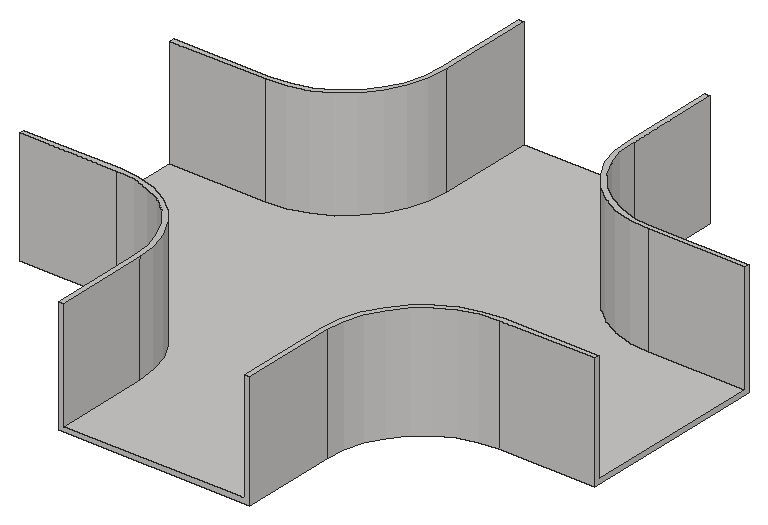
Revit family "S4R_OBO BETTERMANN_CableTray_DoubleTee_RKM FSK RW", category Cable Tray Fittings, Revit 2012
Parameters
  Wholesaler = ""
  Watermarked By = "www.stabiplan.com"
  WIDTH3 [instance] = 100 mm
  WIDTH1 [instance] = 100 mm
  VERSION = "91900"  # constant formula
  URL = "www.stabiplan.com"
  built-in parameter 1140111 [instance] = 2.6 mm
  TYPE [instance] = "RKM FSK RW"  # constant formula
  StabiCAD_PM = ""
  Smallest_L3_L4 [instance] = if(LENGTH3 - WIDTH1 / 2 > LENGTH4 - WIDTH1 / 2, LENGTH3 - WIDTH1 / 2, LENGTH4 - WIDTH1 / 2)  # 100 mm
  Smallest_L1_L2 [instance] = if(LENGTH1 - WIDTH3 / 2 > LENGTH2 - WIDTH3 / 2, LENGTH2 - WIDTH3 / 2, LENGTH1 - WIDTH3 / 2)  # 100 mm
  SmallestLength [instance] = if(Smallest_L1_L2 > Smallest_L3_L4, Smallest_L3_L4, Smallest_L1_L2)  # 100 mm
  RadiusWithThickness [instance] = Radius + [built-in parameter 1140111]  # 52.6 mm
  Radius Label [instance] = 490 mm  # constant formula
  Radius [instance] = 50 mm  # constant formula
  PRODUCTLINE [instance] = "OBO BETTERMANN CableTrays"  # constant formula
  Manufacturer = "OBO BETTERMANN"  # constant formula
  LENGTH4 [instance] = if(and(WIDTH1 = 100 mm, HEIGHT1 = 60 mm, WIDTH3 = 100 mm, ANGLE2 = 90.00°), 150 mm, if(and(WIDTH1 = 200 mm, HEIGHT1 = 60 mm, WIDTH3 = 200 mm, ANGLE2 = 90.00°), 200 mm, if(and(WIDTH1 = 300 mm, HEIGHT1 = 60 mm, WIDTH3 = 300 mm, ANGLE2 = 90.00°), 250 mm, if(and(WIDTH1 = 400 mm, HEIGHT1 = 60 mm, WIDTH3 = 400 mm, ANGLE2 = 90.00°), 300 mm, if(and(WIDTH1 = 500 mm, HEIGHT1 = 60 mm, WIDTH3 = 500 mm, ANGLE2 = 90.00°), 350 mm, if(and(WIDTH1 = 600 mm, HEIGHT1 = 60 mm, WIDTH3 = 600 mm, ANGLE2 = 90.00°), 400 mm, WIDTH3 * 2))))))  # 150 mm
  LENGTH3 [instance] = if(and(WIDTH1 = 100 mm, HEIGHT1 = 60 mm, WIDTH3 = 100 mm, ANGLE2 = 90.00°), 150 mm, if(and(WIDTH1 = 200 mm, HEIGHT1 = 60 mm, WIDTH3 = 200 mm, ANGLE2 = 90.00°), 200 mm, if(and(WIDTH1 = 300 mm, HEIGHT1 = 60 mm, WIDTH3 = 300 mm, ANGLE2 = 90.00°), 250 mm, if(and(WIDTH1 = 400 mm, HEIGHT1 = 60 mm, WIDTH3 = 400 mm, ANGLE2 = 90.00°), 300 mm, if(and(WIDTH1 = 500 mm, HEIGHT1 = 60 mm, WIDTH3 = 500 mm, ANGLE2 = 90.00°), 350 mm, if(and(WIDTH1 = 600 mm, HEIGHT1 = 60 mm, WIDTH3 = 600 mm, ANGLE2 = 90.00°), 400 mm, WIDTH3 * 2))))))  # 150 mm
  LENGTH2 [instance] = if(and(WIDTH1 = 100 mm, HEIGHT1 = 60 mm, WIDTH3 = 100 mm, ANGLE2 = 90.00°), 150 mm, if(and(WIDTH1 = 200 mm, HEIGHT1 = 60 mm, WIDTH3 = 200 mm, ANGLE2 = 90.00°), 200 mm, if(and(WIDTH1 = 300 mm, HEIGHT1 = 60 mm, WIDTH3 = 300 mm, ANGLE2 = 90.00°), 250 mm, if(and(WIDTH1 = 400 mm, HEIGHT1 = 60 mm, WIDTH3 = 400 mm, ANGLE2 = 90.00°), 300 mm, if(and(WIDTH1 = 500 mm, HEIGHT1 = 60 mm, WIDTH3 = 500 mm, ANGLE2 = 90.00°), 350 mm, if(and(WIDTH1 = 600 mm, HEIGHT1 = 60 mm, WIDTH3 = 600 mm, ANGLE2 = 90.00°), 400 mm, WIDTH1 * 2))))))  # 150 mm
  LENGTH1 [instance] = if(and(WIDTH1 = 100 mm, HEIGHT1 = 60 mm, WIDTH3 = 100 mm, ANGLE2 = 90.00°), 150 mm, if(and(WIDTH1 = 200 mm, HEIGHT1 = 60 mm, WIDTH3 = 200 mm, ANGLE2 = 90.00°), 200 mm, if(and(WIDTH1 = 300 mm, HEIGHT1 = 60 mm, WIDTH3 = 300 mm, ANGLE2 = 90.00°), 250 mm, if(and(WIDTH1 = 400 mm, HEIGHT1 = 60 mm, WIDTH3 = 400 mm, ANGLE2 = 90.00°), 300 mm, if(and(WIDTH1 = 500 mm, HEIGHT1 = 60 mm, WIDTH3 = 500 mm, ANGLE2 = 90.00°), 350 mm, if(and(WIDTH1 = 600 mm, HEIGHT1 = 60 mm, WIDTH3 = 600 mm, ANGLE2 = 90.00°), 400 mm, WIDTH1 * 2))))))  # 150 mm
  Internal art.no. = ""
  ISCUSTOM [instance] = if(and(WIDTH1 = 100 mm, HEIGHT1 = 60 mm, WIDTH3 = 100 mm, ANGLE2 = 90.00°), 1 = 0, if(and(WIDTH1 = 200 mm, HEIGHT1 = 60 mm, WIDTH3 = 200 mm, ANGLE2 = 90.00°), 1 = 0, if(and(WIDTH1 = 300 mm, HEIGHT1 = 60 mm, WIDTH3 = 300 mm, ANGLE2 = 90.00°), 1 = 0, if(and(WIDTH1 = 400 mm, HEIGHT1 = 60 mm, WIDTH3 = 400 mm, ANGLE2 = 90.00°), 1 = 0, if(and(WIDTH1 = 500 mm, HEIGHT1 = 60 mm, WIDTH3 = 500 mm, ANGLE2 = 90.00°), 1 = 0, if(and(WIDTH1 = 600 mm, HEIGHT1 = 60 mm, WIDTH3 = 600 mm, ANGLE2 = 90.00°), 1 = 0, 1 = 1))))))  # no
  IFCExportType = ""
  IFCExportAs = ""
  HEIGHT1 [instance] = 60 mm
  GTINNUMBER [instance] = "Unknown"  # constant formula
  ETIM article class = ""
  Description = "Horizontal CableTray Double Tee"
  DEEPLINK = "http://catalog1.obo-bettermann.com/"
  Copyright = "© Stabiplan BV / Stabiplan International BV"  # constant formula
  CT4 [instance] = 1
  CT3 [instance] = 1
  CT2 [instance] = 1
  CT1 [instance] = 1
  BodyColor = Steel
  Assembly Code = ""
  ARTICLENUMBER [instance] = if(and(WIDTH1 = 100 mm, HEIGHT1 = 60 mm, WIDTH3 = 100 mm, ANGLE2 = 90.00°), "6042820", if(and(WIDTH1 = 200 mm, HEIGHT1 = 60 mm, WIDTH3 = 200 mm, ANGLE2 = 90.00°), "6042824", if(and(WIDTH1 = 300 mm, HEIGHT1 = 60 mm, WIDTH3 = 300 mm, ANGLE2 = 90.00°), "6042826", if(and(WIDTH1 = 400 mm, HEIGHT1 = 60 mm, WIDTH3 = 400 mm, ANGLE2 = 90.00°), "6042828", if(and(WIDTH1 = 500 mm, HEIGHT1 = 60 mm, WIDTH3 = 500 mm, ANGLE2 = 90.00°), "6042830", if(and(WIDTH1 = 600 mm, HEIGHT1 = 60 mm, WIDTH3 = 600 mm, ANGLE2 = 90.00°), "6042832", "Unknown"))))))  # "6042820"
  ARTICLEDESCRIPTION [instance] = "Horizontal CableTray Double Tee"
  ANGLE2 [instance] = 90.00°  # constant formula
Reference planes
  plane 1 "Center (Front/Back)": y = 0
  plane 2: z = 0
  plane 3 "Center (Left/Right)": x = 0
  plane 4: y = 50
  plane 5: y = -50
  plane 6: z = 30
  plane 7: z = -30
  plane 8: y = -100
  plane 9: x = -50
  plane 10: x = 50
  plane 11: x = -100
  plane 12: x = 100
  plane 13: y = -47.4
  plane 14: y = 47.4
  plane 15: y = -150
  plane 16: x = -47.4
  plane 17: x = 47.4
  plane 18: x = -150
  plane 19: x = 150
  plane 20: z = -27.4
  plane 21: y = 100
  plane 22: y = 150
Forms (mm)
  Extrusion 1, solid, material "Steel" <- "BodyColor", detail levels fine
    sketch origin (0, 0, 0) x (1, 0, 0) y (0, 1, 0)
      loop
        arc (-100, -50) -> (-64.645, -64.645) -> (-50, -100) r 50
        line (-50, -100) -> (-50, -150) -> (-47.4, -150) -> (-47.4, -100)
        arc (-47.4, -100) -> (-62.806, -62.806) -> (-100, -47.4) r 52.6
        line (-100, -47.4) -> (-150, -47.4) -> (-150, -50) -> (-100, -50)
      loop
        line (100, -50) -> (150, -50) -> (150, -47.4) -> (100, -47.4)
        arc (100, -47.4) -> (62.806, -62.806) -> (47.4, -100) r 52.6
        line (47.4, -100) -> (47.4, -150) -> (50, -150) -> (50, -100)
        arc (50, -100) -> (64.645, -64.645) -> (100, -50) r 50
      loop
        arc (-50, 100) -> (-64.645, 64.645) -> (-100, 50) r 50
        line (-100, 50) -> (-150, 50) -> (-150, 47.4) -> (-100, 47.4)
        arc (-100, 47.4) -> (-62.806, 62.806) -> (-47.4, 100) r 52.6
        line (-47.4, 100) -> (-47.4, 150) -> (-50, 150) -> (-50, 100)
      loop
        line (47.4, 150) -> (47.4, 100)
        arc (47.4, 100) -> (62.806, 62.806) -> (100, 47.4) r 52.6
        line (100, 47.4) -> (150, 47.4) -> (150, 50) -> (100, 50)
        arc (100, 50) -> (64.645, 64.645) -> (50, 100) r 50
        line (50, 100) -> (50, 150) -> (47.4, 150)
    from -30 to 30
  Extrusion 2, solid, material "Steel" <- "BodyColor", detail levels fine
    sketch origin (0, 0, 0) x (1, 0, 0) y (0, 1, 0)
      loop
        arc (-100, -50) -> (-64.645, -64.645) -> (-50, -100) r 50
        line (-50, -100) -> (-50, -150) -> (50, -150) -> (50, -100)
        arc (50, -100) -> (64.645, -64.645) -> (100, -50) r 50
        line (100, -50) -> (150, -50) -> (150, 50) -> (100, 50)
        arc (100, 50) -> (64.645, 64.645) -> (50, 100) r 50
        line (50, 100) -> (50, 150) -> (-50, 150) -> (-50, 100)
        arc (-50, 100) -> (-64.645, 64.645) -> (-100, 50) r 50
        line (-100, 50) -> (-150, 50) -> (-150, -50) -> (-100, -50)
    from -30 to -27.4
  Extrusion 3, solid, material "Steel" <- "BodyColor", detail levels medium
    sketch origin (0, 0, 0) x (1, 0, 0) y (0, 1, 0)
      loop
        arc (-100, -50) -> (-64.645, -64.645) -> (-50, -100) r 50
        line (-50, -100) -> (-50, -150) -> (50, -150) -> (50, -100)
        arc (50, -100) -> (64.645, -64.645) -> (100, -50) r 50
        line (100, -50) -> (150, -50) -> (150, 50) -> (100, 50)
        arc (100, 50) -> (64.645, 64.645) -> (50, 100) r 50
        line (50, 100) -> (50, 150) -> (-50, 150) -> (-50, 100)
        arc (-50, 100) -> (-64.645, 64.645) -> (-100, 50) r 50
        line (-100, 50) -> (-150, 50) -> (-150, -50) -> (-100, -50)
    from -30 to 30
Cuts and joins
  joined: Extrusion 1, Extrusion 2
Lines and regions (mm)
  model lines, style "Coarse", detail levels coarse
    curve 1: line (-150, 0, 0) -> (150, 0, 0)
    curve 2: line (0, 0, 0) -> (0, -150, 0)
    curve 3: line (0, 150, 0) -> (0, 0, 0)
Dimensions and locks
  equal spacing: plane 4, plane 1 "Center (Front/Back)", plane 5
  "WIDTH1": plane 4 to plane 5
  equal spacing: plane 6, plane 2, plane 7
  "HEIGHT1": plane 6 to plane 7
  "Radius": plane 5 to plane 8
  equal spacing: plane 9, plane 3 "Center (Left/Right)", plane 10
  "WIDTH3": plane 9 to plane 10
  "Radius": plane 11 to plane 9
  "Radius": plane 10 to plane 12
  "built-in parameter 1140111": plane 13 to plane 5
  "built-in parameter 1140111": plane 4 to plane 14
  "built-in parameter 1140111": plane 9 to plane 16
  "built-in parameter 1140111": plane 17 to plane 10
  "built-in parameter 1140111": plane 20 to plane 7
  "Radius": plane 21 to plane 4
  "LENGTH1": plane 18 to plane 3 "Center (Left/Right)"
  "LENGTH2": plane 3 "Center (Left/Right)" to plane 19
  "LENGTH3": plane 1 "Center (Front/Back)" to plane 22
  "LENGTH4": plane 15 to plane 1 "Center (Front/Back)"
  "Radius": radius of Extrusion 1 sketch curve  (x4)
  "RadiusWithThickness": radius of Extrusion 1 sketch curve  (x4)
  "Radius": radius of Extrusion 2 sketch curve  (x4)
  "Radius": radius of Extrusion 3 sketch curve  (x4)
  aligned and locked: plane 8 to Extrusion 1 sketch curve  (x8)
  aligned and locked: plane 11 to Extrusion 1 sketch curve  (x6)
  aligned and locked: Extrusion 1 sketch curve to plane 13
  aligned and locked: plane 18 to Extrusion 1 sketch curve  (x2)
  aligned and locked: Extrusion 1 sketch curve to plane 5
  aligned and locked: Extrusion 1 sketch curve to plane 9  (x2)
  aligned and locked: plane 15 to Extrusion 1 sketch curve  (x2)
  aligned and locked: Extrusion 1 sketch curve to plane 16  (x2)
  aligned and locked: plane 16 to Extrusion 1 sketch curve
  aligned and locked: plane 9 to Extrusion 1 sketch curve
  aligned and locked: Extrusion 1 sketch curve to plane 15  (x2)
  aligned and locked: Extrusion 1 sketch curve to plane 18  (x2)
  aligned and locked: Extrusion 1 to plane 7
  aligned and locked: plane 6 to Extrusion 1
  aligned and locked: plane 12 to Extrusion 1 sketch curve  (x6)
  aligned and locked: plane 19 to Extrusion 1 sketch curve  (x3)
  aligned and locked: plane 5 to Extrusion 1 sketch curve
  aligned and locked: plane 13 to Extrusion 1 sketch curve
  aligned and locked: Extrusion 1 sketch curve to plane 19
  aligned and locked: Extrusion 1 sketch curve to plane 17
  aligned and locked: Extrusion 1 sketch curve to plane 10  (x2)
  aligned and locked: plane 10 to Extrusion 1 sketch curve
  aligned and locked: plane 17 to Extrusion 1 sketch curve  (x2)
  aligned and locked: plane 8 to Extrusion 2 sketch curve  (x4)
  aligned and locked: plane 11 to Extrusion 2 sketch curve  (x4)
  aligned and locked: plane 12 to Extrusion 2 sketch curve  (x4)
  aligned and locked: plane 18 to Extrusion 2 sketch curve  (x2)
  aligned and locked: Extrusion 2 sketch curve to plane 5
  aligned and locked: plane 4 to Extrusion 2 sketch curve
  aligned and locked: plane 5 to Extrusion 2 sketch curve
  aligned and locked: plane 19 to Extrusion 2 sketch curve  (x2)
  aligned and locked: plane 15 to Extrusion 2 sketch curve
  aligned and locked: plane 10 to Extrusion 2 sketch curve
  aligned and locked: plane 9 to Extrusion 2 sketch curve
  aligned and locked: Extrusion 2 sketch curve to plane 15
  aligned and locked: Extrusion 2 to plane 7
  aligned and locked: plane 20 to Extrusion 2
  aligned and locked: plane 8 to Extrusion 3 sketch curve  (x3)
  aligned and locked: plane 11 to Extrusion 3 sketch curve  (x4)
  aligned and locked: plane 18 to Extrusion 3 sketch curve  (x2)
  aligned and locked: Extrusion 3 sketch curve to plane 5  (x2)
  aligned and locked: plane 4 to Extrusion 3 sketch curve  (x2)
  aligned and locked: plane 5 to Extrusion 3 sketch curve
  aligned and locked: plane 12 to Extrusion 3 sketch curve  (x3)
  aligned and locked: plane 19 to Extrusion 3 sketch curve  (x2)
  aligned and locked: plane 15 to Extrusion 3 sketch curve
  aligned and locked: Extrusion 3 sketch curve to plane 10  (x2)
  aligned and locked: plane 10 to Extrusion 3 sketch curve
  aligned and locked: plane 9 to Extrusion 3 sketch curve
  aligned and locked: Extrusion 3 sketch curve to plane 15
  aligned and locked: Extrusion 3 to plane 7
  aligned and locked: plane 6 to Extrusion 3
  aligned and locked: plane 19 to curve 1
  aligned and locked: plane 1 "Center (Front/Back)" to curve 2
  aligned and locked: curve 2 to plane 3 "Center (Left/Right)"
  aligned and locked: plane 21 to Extrusion 1 sketch curve  (x6)
  aligned and locked: Extrusion 1 sketch curve to plane 14  (x2)
  aligned and locked: Extrusion 1 sketch curve to plane 4  (x2)
  aligned and locked: plane 22 to Extrusion 1 sketch curve  (x4)
  aligned and locked: plane 4 to Extrusion 1 sketch curve
  aligned and locked: plane 14 to Extrusion 1 sketch curve
  aligned and locked: plane 21 to Extrusion 3 sketch curve  (x3)
  aligned and locked: Extrusion 3 sketch curve to plane 4
  aligned and locked: plane 22 to Extrusion 3 sketch curve  (x2)
  aligned and locked: Extrusion 3 sketch curve to plane 9
  aligned and locked: plane 21 to Extrusion 2 sketch curve  (x3)
  aligned and locked: plane 22 to Extrusion 2 sketch curve  (x2)
  aligned and locked: Extrusion 2 sketch curve to plane 9
  aligned and locked: Extrusion 2 sketch curve to plane 10
  aligned and locked: Extrusion 2 sketch curve to plane 4
  aligned and locked: curve 3 to plane 3 "Center (Left/Right)"
Automatic sketch dimensions
  curve 1 to plane 18 = 0 mm
  plane 22 to curve 3 = 0 mm
  curve 2 to plane 15 = 0 mm
Connectors
  cabletrayconduit at (-150, 0, 0), driven by "HEIGHT1", driven by "WIDTH1"
    settings: on Extrusion 3, index 1, connector width 100 mm, connector height 60 mm, connector radius 304.8 mm, connector angle 0.00°, system type 32, placement type 0, profile type 1, connector reference index 2, is primary connector yes, connector utility param no, connector description ""
  cabletrayconduit at (150, 0, 0), driven by "HEIGHT1", driven by "WIDTH1"
    settings: on Extrusion 3, index 2, connector width 100 mm, connector height 60 mm, connector radius 304.8 mm, connector angle 0.00°, system type 32, placement type 0, profile type 1, connector reference index 1, is primary connector no, connector utility param no, connector description ""
  cabletrayconduit at (0, -150, 0), driven by "HEIGHT1", driven by "WIDTH3"
    settings: on Extrusion 3, index 3, connector width 100 mm, connector height 60 mm, connector radius 304.8 mm, connector angle 0.00°, system type 32, placement type 0, profile type 1, connector reference index 4, is primary connector no, connector utility param no, connector description ""
  cabletrayconduit at (0, 150, 0), driven by "HEIGHT1", driven by "WIDTH3"
    settings: on Extrusion 3, index 4, connector width 100 mm, connector height 60 mm, connector radius 304.8 mm, connector angle 0.00°, system type 32, placement type 0, profile type 1, connector reference index 3, is primary connector no, connector utility param no, connector description ""
